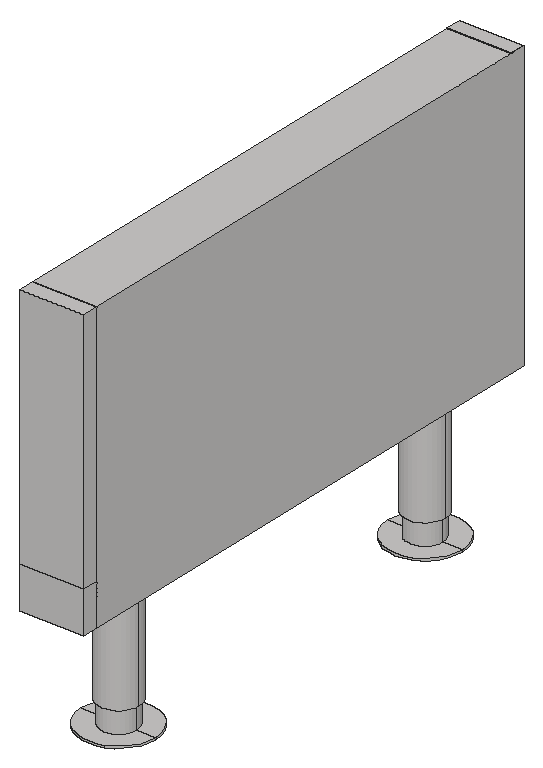
Revit family "QF_ELECTROLUXPROFESSIONAL_589907_MC3ACOAOOM", category Attrezzature speciali, Revit 2021
Family settings
  Quota connettore circolare = Usa diametro
  Tipo di parte = Normale
  Basato su piano di lavoro = No
  Sempre verticale = Sì
  Taglio con vuoti quando caricato = No
  Condiviso = No
  Punto di calcolo locali = No
Parameters (values of type "Standard")
  Weight = 10.00 kg
  Watts = 0 W
  Volts = 0 V
  URL Manufacturer = "https://www.electroluxprofessional.com/"
  URL = "https://www.electroluxprofessional.com/"
  Steam Supply Size = 0"
  Steam Supply Minimum Pressure = 0.00 psi
  Steam Supply Maximum Pressure = 0.00 psi
  Steam Consumption per Hour = 0
  Refrigeration Suction Line Size = 0 mm
  Refrigeration Liquid Line Size = 0 mm
  Refrigerant Compressor Remote = yes
  Prospetto di default = 0 mm
  Phase = 0
  Modello = "MC3ACOAOOM"
  Produttore = "Electrolux Professional"
  Length Actual = 100 mm  # constant formula
  Item Number = "589907"
  Hot Water Size = 0"
  Height Actual = 450 mm  # constant formula
  HP = "0 HP"
  Gas Size = 0"
  Gas KW = 0
  Gas Input Pressure = 0.0 Btu/h
  Direct Waste Size = 0"
  Descrizione = "CLOSED BASE, MARINE FEET, 100X900X450H"
  Depth Actual = 900 mm  # constant formula
  Cycle = 0 Hz
  Condensate Return Size = 0"
  Compressed Air Volume = 0 GPM
  Compressed Air Size = 0"
  Compressed Air Pressure = 0.00 psi
  Cold Water Size = 0"
  Accessory = yes
Reference planes
  plane 1 "BACK": y = 0
  plane 2: z = 0
  plane 3 "LEFT": x = 150
  plane 4 "RIGHT": x = 250
  plane 5 "FRONT": y = -900
  plane 6 "PLAIN": z = 900
  plane 7 "Center (Left/Right)": x = 200
  plane 8 "Center (Front/Back)": y = -450
  plane 9 "TOP": z = 650
  plane 10 "BASE": z = 200
  plane 11 "Feet_back": y = -150
  plane 12 "Feet_Front": y = -750
  plane 13: z = 265
  plane 14: y = -20
  plane 15: y = -855
  plane 16: y = -45
  plane 17: y = -880
  plane 18 "ButtonZ": z = 590
Forms (mm)
  Extrusion 1, solid, material "QF_Finishes_Stainless Steel"
    sketch origin (150, 0, 650) x (0, 1, 0) y (0, 0, 1)
      loop
        line (-20, -450) -> (-20, 0) -> (-855, 0) -> (-855, -450) -> (-20, -450)
    from 0 to 100
  Extrusion 2, solid, material "QF_Finishes_Stainless Steel"
    sketch origin (150, 0, 650) x (0, 1, 0) y (0, 0, 1)
      loop
        line (-880, -450) -> (-855, -450) -> (-855, -385) -> (-880, -385) -> (-880, -450)
    from 0 to 100
  Revolve 3, solid, material "QF_Finishes_Stainless Steel"
    sketch origin (0, -750, 0) x (0, 0, 1) y (-1, 0, 0)
      loop
        line (38, -168) -> (38, -172) -> (3, -172) -> (3, -141.5) -> (0, -141.5) -> (0, -200) -> (200, -200) -> (200, -168) -> (38, -168)
      axis (200, -200) -> (0, -200)
    angle from 0 to 360
  Revolve 4, solid, material "QF_Finishes_Stainless Steel"
    sketch origin (0, -150, 0) x (0, 0, 1) y (-1, 0, 0)
      loop
        line (38, -168) -> (38, -172) -> (3, -172) -> (3, -141.5) -> (0, -141.5) -> (0, -200) -> (200, -200) -> (200, -168) -> (38, -168)
      axis (200, -200) -> (0, -200)
    angle from 0 to 360
  Extrusion 5, solid, material "QF_Finishes_Stainless Steel"
    sketch origin (0, -900, 0) x (1, 0, 0) y (0, 0, 1)
      loop
        line (150, 650) -> (150, 265) -> (250, 265) -> (250, 650) -> (150, 650)
    from -45 to -20
  Extrusion 6, solid, material "QF_Finishes_Stainless Steel"
    sketch origin (0, 0, 0) x (1, 0, 0) y (0, 0, 1)
      loop
        line (150, 650) -> (150, 265) -> (250, 265) -> (250, 650) -> (150, 650)
    from 45 to 20
  Extrusion 7, solid, material "QF_Finishes_Stainless Steel"
    sketch origin (0, 0, 0) x (1, 0, 0) y (0, 0, 1)
      loop
        line (150, 265) -> (150, 200) -> (250, 200) -> (250, 265) -> (150, 265)
    from 45 to 20
Lines and regions (mm)
  symbolic lines, style "SpecialityEquipmentHiddenLines"
    curve 1: line (150, 0, 0) -> (250, 0, 0)
    curve 2: line (150, -900, 0) -> (150, 0, 0)
    curve 3: line (250, -900, 0) -> (150, -900, 0)
    curve 4: line (250, 0, 0) -> (250, -900, 0)
Dimensions and locks
  plane 3 "LEFT" to plane 4 "RIGHT" = 100 mm
  plane 5 "FRONT" to plane 1 "BACK" = 900 mm
  plane 3 "LEFT" to plane 7 "Center (Left/Right)" to plane 4 "RIGHT" = 50 mm, 50 mm
  equal spacing: plane 5 "FRONT", plane 8 "Center (Front/Back)", plane 1 "BACK"
  plane 6 "PLAIN" to plane 9 "TOP" = 250 mm
  plane 10 "BASE" to level = 200 mm
  plane 9 "TOP" to plane 10 "BASE" = 450 mm
  locked: plane 1 "BACK" to plane 11 "Feet_back" at 150
  locked: plane 13 to plane 10 "BASE" at 65
  locked: plane 1 "BACK" to plane 14 at 20
  plane 6 "PLAIN" to level = 900 mm
  locked: plane 14 to plane 16 at 25
  locked: plane 17 to plane 5 "FRONT" at 20
  locked: plane 15 to plane 17 at 25
  plane 14 to plane 17 = 860 mm
  plane 18 "ButtonZ" to level = 590 mm
  plane 12 "Feet_Front" to plane 17 = 130 mm
  aligned and locked: level to plane 2
  aligned and locked: Extrusion 1 to plane 4 "RIGHT"
  aligned and locked: Extrusion 1 to plane 3 "LEFT"
  aligned and locked: Extrusion 2 to plane 4 "RIGHT"
  aligned and locked: Extrusion 2 to plane 10 "BASE"
  aligned and locked: Extrusion 2 to plane 13
  aligned and locked: Extrusion 2 to plane 15
  aligned and locked: plane 17 to Extrusion 2
Automatic sketch dimensions
  curve 3 to plane 3 "LEFT" = 0 mm
  curve 3 to plane 4 "RIGHT" = 0 mm
  plane 5 "FRONT" to curve 3 = 0 mm
  plane 1 "BACK" to curve 2 = 0 mm
  Extrusion 1 sketch curve to plane 10 "BASE" = 0 mm
  Extrusion 1 sketch curve to plane 15 = 0 mm
  Extrusion 1 sketch curve to plane 16 = 25 mm
  Extrusion 1 sketch curve to plane 9 "TOP" = 0 mm
  plane 13 to Extrusion 2 sketch curve = 0 mm
  Extrusion 2 sketch curve to plane 17 = 0 mm
  Extrusion 2 sketch curve to plane 10 "BASE" = 0 mm
  Extrusion 2 sketch curve to plane 15 = 0 mm
  Extrusion 5 sketch curve to plane 3 "LEFT" = 0 mm
  plane 4 "RIGHT" to Extrusion 5 sketch curve = 0 mm
  Extrusion 5 sketch curve to plane 13 = 0 mm
  Extrusion 5 sketch curve to plane 9 "TOP" = 0 mm
  Extrusion 6 sketch curve to plane 3 "LEFT" = 0 mm
  plane 4 "RIGHT" to Extrusion 6 sketch curve = 0 mm
  plane 10 "BASE" to Extrusion 6 sketch curve = 65 mm
  Extrusion 6 sketch curve to plane 9 "TOP" = 0 mm
  Extrusion 7 sketch curve to plane 3 "LEFT" = 0 mm
  plane 4 "RIGHT" to Extrusion 7 sketch curve = 0 mm
  Extrusion 7 sketch curve to plane 10 "BASE" = 0 mm
  Extrusion 7 sketch curve to plane 9 "TOP" = 385 mm
  Revolve 4 sketch curve to plane 7 "Center (Left/Right)" = 0 mm  (x2)
  Revolve 4 sketch curve to level = 0 mm
  Revolve 4 sketch curve to plane 10 "BASE" = 0 mm
  level to Revolve 4 sketch curve = 3 mm
  Revolve 4 sketch curve to Revolve 4 sketch curve = 35 mm
  Revolve 4 sketch curve to plane 7 "Center (Left/Right)" = 28 mm
  Revolve 4 sketch curve to plane 7 "Center (Left/Right)" = 32 mm
  Revolve 4 sketch curve to Revolve 4 sketch curve = 30.5 mm
  Revolve 4 sketch curve to Revolve 4 sketch curve = 130 mm
  Revolve 4 sketch curve to plane 13 = 115 mm
  Revolve 3 sketch curve to plane 7 "Center (Left/Right)" = 0 mm  (x2)
  Revolve 3 sketch curve to level = 0 mm
  Revolve 3 sketch curve to plane 10 "BASE" = 0 mm
  level to Revolve 3 sketch curve = 3 mm
  Revolve 3 sketch curve to Revolve 3 sketch curve = 35 mm
  Revolve 3 sketch curve to plane 7 "Center (Left/Right)" = 28 mm
  Revolve 3 sketch curve to plane 7 "Center (Left/Right)" = 32 mm
  Revolve 3 sketch curve to Revolve 3 sketch curve = 30.5 mm
  Revolve 3 sketch curve to Revolve 3 sketch curve = 130 mm
  Revolve 3 sketch curve to plane 13 = 115 mm
